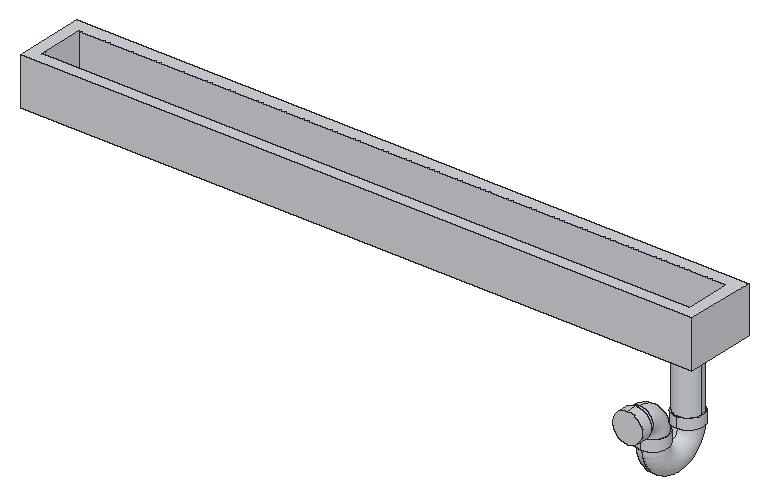
Revit family "TRENCH-DRAIN-02", category Plumbing Fixtures, Revit 2018
Family settings
  Round Connector Dimension = Use Diameter
  Part Type = Normal
  Work Plane-Based = No
  Always vertical = Yes
  Cut with Voids When Loaded = No
  Shared = No
  Room Calculation Point = No
Reference planes (in)
  plane 1 "Center (Front/Back)": y = 0
  plane 2: z = 0
  plane 3 "Center (Left/Right)": x = 0
  plane 4: x = 48
  plane 5: x = -48
  plane 6: y = 6
  plane 7: y = -6
  plane 8: y = 4
  plane 9: y = -4
  plane 10: x = -46
  plane 11: x = 46
  plane 12: x = 38.84421
  plane 13: x = 42.59421
  plane 14: x = -57
  plane 15: x = 57
  plane 16: x = -55
  plane 17: x = 55
  plane 18: x = 48
Forms (in)
  Extrusion 1, solid
    sketch origin (0, 0, 0) x (1, 0, 0) y (0, 1, 0)
      loop
        line (-57, 6) -> (-57, -6) -> (57, -6) -> (57, 6) -> (-57, 6)
    from -8 to 0
  Extrusion 2, void
    sketch origin (0, 0, 0) x (1, 0, 0) y (0, 1, 0)
      loop
        line (-55, 4) -> (-55, -4) -> (55, -4) -> (55, 4) -> (-55, 4)
    from -6 to 2.5065
  Extrusion 3, solid
    sketch origin (9, 0, 0) x (1, 0, 0) y (0, 1, 0)
      loop
        circle (42.59421, 0) r 2.25
    from -18.42308 to -5.94473
Cuts and joins
  Extrusion 2 cuts Extrusion 1
Dimensions and locks (in)
  aligned and locked: plane 2 to level
Nested families (in)
  nested 1: "Trap P - PVC - Sch 40 - DWV" at (51.59421, 0, -15.61058) x (0, 0, -1) z (-1, 0, 0), type "Standard"
    with Wall Thickness 1/4", Tick Size 1.8", Socket Outside Radius 2.51", Socket Outside Diameter 5.02", Socket Entrance Diameter 4.52", Socket Depth 1 3/4", Outlet Height Label 10 9/16", Outlet Height 10 9/16", Nominal Radius 2", Nominal Diameter 4", Length 3 2 13/16", Length 2 2 13/16", Length 1 11 1/16", Length 12 13/16", Inlet Height 7 3/4", Height 2 8 5/16", Height 1 3 3/4", Fitting Outside Radius 2 1/4", Fitting Outside Diameter 4 1/2"
Connectors (in)
  piping at (51.59421, -12.8125, -15.61058), diameter 4
    settings: on nested 1, index 1, connector inside diameter 24", connector length 0' - 0", flow factor 0, pipe flow 0 GPM, pressure drop 0.00 psi, fitting loss kfactor 0, connector angle 0.00°, fixture units 0, engagement length 0' - 0", angle of deflection 0.00°, flow configuration 0, flow direction 0, fitting loss method 0, system type 16, joint type 0, gender type 0, connector reference index -1, connector utility 0, adjustable connector yes, is connector primary yes, connector description ""
Definition of nested family "Trap P - PVC - Sch 40 - DWV"
  Parameters (values of type "Standard")
    Wall Thickness [instance] = size_lookup(Lookup Table Name, "WThk", 0.02 * Nominal Diameter + 33/256", Nominal Diameter)  # 0.156"
    Tick Size [instance] = Fitting Outside Diameter * 0.4  # 0.76"
    Socket Outside Radius [instance] = Socket Outside Diameter / 2  # 1.1135"
    Socket Outside Diameter [instance] = Socket Entrance Diameter + Wall Thickness * 2  # 2.227"
    Socket Entrance Diameter [instance] = size_lookup(Lookup Table Name, "SED", 1.04 * Nominal Diameter + 95/256", Nominal Diameter)  # 1.915"
    Socket Depth [instance] = size_lookup(Lookup Table Name, "SDpt", 0.5 * Nominal Diameter, Nominal Diameter)  # 0.687"
    Outlet Height Label [instance] = if(Length 2 > Fitting Outside Radius + 1/32", Outlet Height, Length 3 + Socket Depth + Height 1 + Fitting Outside Radius)  # 4.8875"
    Outlet Height [instance] = Height 2 + Fitting Outside Radius  # 4.8875"
    Nominal Radius [instance] = 3/4"
    Nominal Diameter [instance] = Nominal Radius * 2  # 1 1/2"
    Loss Method = (empty or 0)
    Lookup Table Name = "Trap P - PVC - Sch 40 - DWV"
    Length 3 [instance] = if(Length 2 > Fitting Outside Radius + 1/32", Length 2, Fitting Outside Radius + 1/32")  # 1.7505"
    Length 2 [instance] = Height 2 - Height 1 - Socket Depth  # 1.7505"
    Length 1 [instance] = size_lookup(Lookup Table Name, "Lgt1", 2.47 * Nominal Diameter + 1 97/256", Nominal Diameter)  # 4 5/8"
    Length [instance] = Length 1 + Socket Depth  # 5.312"
    Inlet Height [instance] = Height 1 + Socket Depth + Fitting Outside Radius  # 3.137"
    Height 2 [instance] = size_lookup(Lookup Table Name, "Hgt2", 1.78 * Nominal Diameter + 1 45/128", Nominal Diameter)  # 3 15/16"
    Height 1 [instance] = size_lookup(Lookup Table Name, "Hgt1", 0.88 * Nominal Diameter + 45/128", Nominal Diameter)  # 1 1/2"
    Fitting Outside Radius [instance] = Fitting Outside Diameter / 2  # 0.95"
    Fitting Outside Diameter [instance] = size_lookup(Lookup Table Name, "FOD", 1.04 * Nominal Diameter + 23/64", Nominal Diameter)  # 1.9"
  Reference planes (in)
    plane 1 "Center (Front/Back)": y = 0
    plane 2: z = 0
    plane 3 "Center (Left/Right)": x = 0
    plane 4: x = 4.8875
    plane 5: x = 1.7505
    plane 6: x = 2.4375
    plane 7: y = 1.5
    plane 8: y = 5.312
    plane 9: y = 4.625
    plane 10: y = -0.76
    plane 11: y = 0.76
    plane 12: x = -0.76
    plane 13: x = 0.76
    plane 14: y = 3
    plane 15: y = 4.7505
  Forms (in)
    Sweep 1, solid, detail levels fine
      path in 3D
        loop
          line (1.7505, 0, 0) -> (2.4375, 0, 0)
      profile origin (2.094, 0, 0) x (0, 1, 0) y (0, 0, 1)
        loop
          circle (0, 0) r 1.1135
    Sweep 2, solid, detail levels fine
      path in 3D
        loop
          line (1.7505, 3, 0) -> (2.4375, 3, 0)
      profile origin (2.094, 3, 0) x (0, 1, 0) y (0, 0, 1)
        loop
          circle (0, 0) r 1.1135
    Sweep 3, solid, detail levels fine
      path in 3D
        loop
          line (0, 5.312, 0) -> (0, 4.7505, 0)
          arc (0, 4.7505, 0) -> (0.51271, 3.51271, 0) -> (1.7505, 3, 0) r 1.7505
          line (1.7505, 3, 0) -> (2.4375, 3, 0)
          arc (2.4375, 3, 0) -> (3.9375, 1.5, 0) -> (2.4375, 0, 0) r 1.5
      profile origin (0, 5.03125, 0) x (1, 0, 0) y (0, 0, 1)
        loop
          circle (0, 0) r 0.95
    Sweep 4, solid, detail levels fine
      path in 3D
        loop
          line (0, 5.312, 0) -> (0, 4.625, 0)
      profile origin (0, 4.9685, 0) x (1, 0, 0) y (0, 0, 1)
        loop
          circle (0, 0) r 1.1135
  Cuts and joins
    joined: Sweep 1, Sweep 2, Sweep 3, Sweep 4
  Lines and regions (in)
    model lines, detail levels coarse+medium
      curve 1: line (1.7505, 0, 0) -> (2.4375, 0, 0)
      curve 2: line (1.7505, 0.76, 0) -> (1.7505, -0.76, 0)
      curve 3: line (-0.76, 5.312, 0) -> (0.76, 5.312, 0)
      curve 5: arc (2.4375, 0, 0) -> (3.9375, 1.5, 0) -> (2.4375, 3, 0) r 1.5
      curve 6: arc (0, 4.7505, 0) -> (0.51271, 3.51271, 0) -> (1.7505, 3, 0) r 1.7505
      curve 7: line (1.7505, 3, 0) -> (2.4375, 3, 0)
      curve 10: line (0, 5.312, 0) -> (0, 4.7505, 0)
    sketch lines
      curve 4: line (1.7505, 0, 0) -> (2.4375, 0, 0)
      curve 9: line (1.7505, 3, 0) -> (2.4375, 3, 0)
      curve 11: line (0, 5.312, 0) -> (0, 4.7505, 0)
      curve 12: arc (0, 4.7505, 0) -> (0.51271, 3.51271, 0) -> (1.7505, 3, 0) r 1.7505
      curve 13: line (1.7505, 3, 0) -> (2.4375, 3, 0)
      curve 14: arc (2.4375, 0, 0) -> (3.9375, 1.5, 0) -> (2.4375, 3, 0) r 1.5
      curve 15: line (0, 5.312, 0) -> (0, 4.625, 0)
    reference lines
      curve 8: line (0, 5.312, 0) -> (0, 4.625, 0)
  Dimensions and locks (in)
    "Outlet Height Label": plane 3 "Center (Left/Right)" to plane 4
    "Inlet Height": plane 5 to plane 4
    "Socket Depth": plane 5 to plane 6
    "Height 1": plane 7 to plane 1 "Center (Front/Back)"
    "Length": plane 8 to plane 1 "Center (Front/Back)"
    "Socket Depth": plane 8 to plane 9
    equal spacing: plane 10, plane 1 "Center (Front/Back)", plane 11
    "Tick Size": plane 1 "Center (Front/Back)" to plane 11
    equal spacing: plane 12, plane 3 "Center (Left/Right)", plane 13
    "Tick Size": plane 12 to plane 3 "Center (Left/Right)"
    "Height 1": plane 14 to plane 7
    "Length 3": plane 15 to plane 14
    "Socket Outside Radius": radius of Sweep 1 sketch curve
    "Height 1": radius of curve 5
    "Length 3": radius of curve 6
    "Socket Outside Radius": radius of Sweep 2 sketch curve
    "Fitting Outside Radius": radius of Sweep 3 sketch curve
    "Socket Outside Radius": radius of Sweep 4 sketch curve
    locked: curve 5 to curve 5 (angle 180.00°)
    locked: curve 6 to curve 6 (angle 90.00°)
    aligned and locked: plane 5 to curve 1
    aligned and locked: plane 1 "Center (Front/Back)" to curve 1
    aligned and locked: plane 11 to curve 2
    aligned and locked: plane 10 to curve 2
    aligned and locked: curve 2 to plane 5
    aligned and locked: plane 12 to curve 3
    aligned and locked: plane 13 to curve 3
    aligned and locked: curve 3 to plane 8
    aligned and locked: plane 7 to curve 5
    aligned and locked: plane 6 to curve 5
    aligned and locked: plane 5 to curve 7
    aligned and locked: plane 6 to curve 7
    aligned and locked: plane 9 to curve 8
    aligned and locked: plane 8 to curve 8
    aligned and locked: curve 8 to plane 3 "Center (Left/Right)"
    aligned and locked: plane 15 to curve 10
    aligned and locked: plane 8 to curve 10
    aligned and locked: curve 10 to plane 3 "Center (Left/Right)"
    aligned and locked: plane 5 to curve 6
  Automatic sketch dimensions
    Sweep 1 sketch curve to profile plane = 0' - 0"  (x2)
    Sweep 2 sketch curve to profile plane = 0' - 0"  (x2)
    profile plane to Sweep 3 sketch curve = 0' - 0"
    Sweep 3 sketch curve to profile plane = 0' - 0"
    profile plane to Sweep 4 sketch curve = 0' - 0"
    Sweep 4 sketch curve to profile plane = 0' - 0"
  Connectors (in)
    piping at (1.7505, 0, 0), diameter 1.5, driven by "Nominal Radius"
      settings: on cut or joined group of Sweep 1, Sweep 2, Sweep 3, Sweep 4, index 1, connector inside diameter 1 1/2", connector length 0' - 0", flow factor 0, pipe flow 0 GPM, pressure drop 0.00 psi, fitting loss kfactor 0, connector angle 0.00°, fixture units 0, engagement length 0' - 0", angle of deflection 0.00°, flow configuration 0, flow direction 0, fitting loss method 0, system type 28, joint type 0, gender type 0, connector reference index 2, connector utility 0, adjustable connector no, is connector primary yes, connector description ""
    piping at (0, 5.312, 0), diameter 1.5, driven by "Nominal Radius"
      settings: on cut or joined group of Sweep 1, Sweep 2, Sweep 3, Sweep 4, index 2, connector inside diameter 1 1/2", connector length 0' - 0", flow factor 0, pipe flow 0 GPM, pressure drop 0.00 psi, fitting loss kfactor 0, connector angle 0.00°, fixture units 0, engagement length 0' - 0", angle of deflection 0.00°, flow configuration 0, flow direction 0, fitting loss method 0, system type 28, joint type 0, gender type 0, connector reference index 1, connector utility 0, adjustable connector yes, is connector primary no, connector description ""
